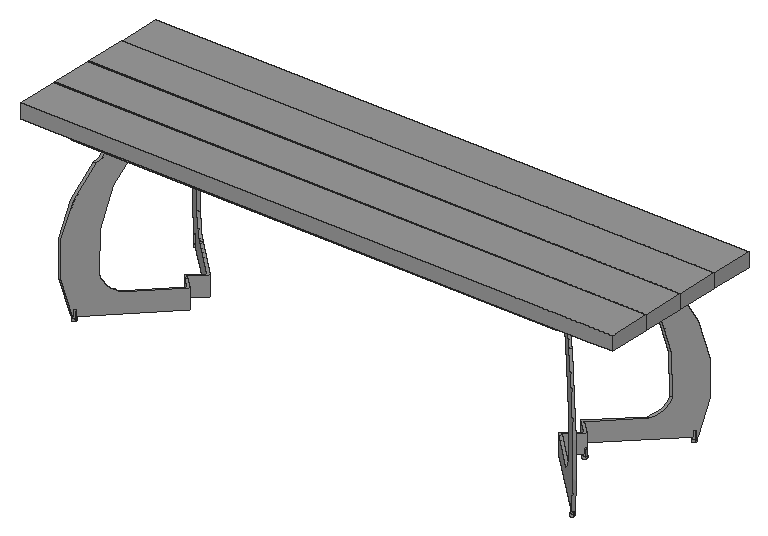
Revit family "Скамейка стальная «Краун» без спинки Арт 14238", category Антураж, Revit 2018
Family settings
  На основе рабочей плоскости = Нет
  Всегда вертикально = Да
  При загрузке вырезать с полостями = Нет
  Источник визуального образа = Геометрия семейства
  Общий = Нет
  Точка расчета площади = Нет
Parameters (values of type "Скамейка стальная «Краун» без спинки")
  Ширина = 430 mm  # constant formula
  Цвет опор = Сталь
  Цвет лавки = Дерево
  Описание = "Скамейка стальная «Краун» без спинки"  # constant formula
  Материал изделия = "Сталь, дерево"  # constant formula
  Изображение типоразмера = Скамейка стальная «Краун» без спинки Арт 14238.jpg
  Изготовитель = "ООО «Хоббика»"  # constant formula
  Длина = 1500 mm  # constant formula
  Группа модели = "Садовые скамейки"  # constant formula
  Высота = 460 mm  # constant formula
  Артикул товара = "Арт. 14238"  # constant formula
  URL = "https://hobbyka.ru/product/banketka_kraun/"
Reference planes
  plane 1 "По центру (Вперед/Назад)": y = 0
  plane 2: z = 0
  plane 3 "По центру (Влево/Вправо)": x = 0
  plane 4: y = 430
  plane 5: x = 1500
  plane 6: z = 460
  plane 7: y = 411.042
  plane 8: y = 218.536
  plane 9: y = 18.958
  plane 10: x = 111.887
  plane 11: x = 240.754
Forms (mm)
  Extrusion 1, solid, material "Дерево" <- "Цвет лавки"
    sketch origin (0, 0, 0) x (0, 1, 0) y (0, 0, 1)
      loop
        line (430, 460) -> (325, 460) -> (325, 425) -> (430, 425) -> (430, 460)
    from 0 to 1500
  Extrusion 2, solid, material "Дерево" <- "Цвет лавки"
    sketch origin (0, -325, 0) x (0, 1, 0) y (0, 0, 1)
      loop
        line (430, 460) -> (325, 460) -> (325, 425) -> (430, 425) -> (430, 460)
    from 0 to 1500
  Extrusion 3, solid, material "Дерево" <- "Цвет лавки"
    sketch origin (0, -108.333, 0) x (0, 1, 0) y (0, 0, 1)
      loop
        line (430, 460) -> (325, 460) -> (325, 425) -> (430, 425) -> (430, 460)
    from 0 to 1500
  Extrusion 4, solid, material "Дерево" <- "Цвет лавки"
    sketch origin (0, -216.667, 0) x (0, 1, 0) y (0, 0, 1)
      loop
        line (430, 460) -> (325, 460) -> (325, 425) -> (430, 425) -> (430, 460)
    from 0 to 1500
  Extrusion 5, solid, material "Сталь" <- "Цвет опор"
    sketch origin (0, 0, 0) x (1, 0, 0) y (0, 1, 0)
      loop
        line (94.161, -5.839) -> (283.18, 183.18) -> (247.825, 218.536) -> (279.645, 250.355) -> (88.715, 441.285) -> (85.18, 437.749) -> (272.574, 250.355) -> (240.754, 218.536) -> (276.109, 183.18) -> (90.626, -2.303) -> (94.161, -5.839)
    from 0 to 425
  Extrusion 6, void
    sketch origin (0, 0, 0) x (0, 1, 0) y (0, 0, 1)
      loop
        line (-15, 425) -> (-15, -13.573) -> (445, -13.573) -> (445, 425) -> (377.5, 425)
        arc (377.5, 425) -> (364.943, 390) -> (377.5, 355) r 55.055
        arc (377.5, 355) -> (427.938, 185.682) -> (411.042, 9.821) r 461.38
        line (411.042, 9.821) -> (18.958, 9.821)
        arc (18.958, 9.821) -> (2.062, 185.682) -> (52.5, 355) r 461.38
        arc (52.5, 355) -> (65.057, 390) -> (52.5, 425) r 55.055
        line (52.5, 425) -> (-15, 425)
      loop
        line (325, 425) -> (105, 425) -> (111.295, 393.96)
        arc (111.295, 393.96) -> (62.842, 253.118) -> (55.006, 104.38) r 536.13
        arc (55.006, 104.38) -> (64.737, 77.623) -> (86.553, 59.327) r 54.949
        line (86.553, 59.327) -> (343.447, 59.327)
        arc (343.447, 59.327) -> (365.263, 77.623) -> (374.994, 104.38) r 54.949
        arc (374.994, 104.38) -> (367.158, 253.118) -> (318.705, 393.96) r 536.13
        line (318.705, 393.96) -> (325, 425)
    from 65.809 to 299.586
  Extrusion 7, solid, material "Сталь" <- "Цвет опор"
    sketch origin (1500, 0, 0) x (-1, 0, 0) y (0, -1, 0)
      loop
        line (94.161, 5.839) -> (90.626, 2.303) -> (276.109, -183.18) -> (240.754, -218.536) -> (272.574, -250.355) -> (85.18, -437.749) -> (88.715, -441.285) -> (279.645, -250.355) -> (247.825, -218.536) -> (283.18, -183.18) -> (94.161, 5.839)
    from 0 to 425
  Extrusion 8, void
    sketch origin (1500, 0, 0) x (0, 1, 0) y (0, 0, -1)
      loop
        line (-15, -425) -> (52.5, -425)
        arc (52.5, -425) -> (65.057, -390) -> (52.5, -355) r 55.055
        arc (52.5, -355) -> (2.062, -185.682) -> (18.958, -9.821) r 461.38
        line (18.958, -9.821) -> (411.042, -9.821)
        arc (411.042, -9.821) -> (427.938, -185.682) -> (377.5, -355) r 461.38
        arc (377.5, -355) -> (364.943, -390) -> (377.5, -425) r 55.055
        line (377.5, -425) -> (445, -425) -> (445, 13.573) -> (-15, 13.573) -> (-15, -425)
      loop
        line (325, -425) -> (318.705, -393.96)
        arc (318.705, -393.96) -> (367.158, -253.118) -> (374.994, -104.38) r 536.13
        arc (374.994, -104.38) -> (365.263, -77.623) -> (343.447, -59.327) r 54.949
        line (343.447, -59.327) -> (86.553, -59.327)
        arc (86.553, -59.327) -> (64.737, -77.623) -> (55.006, -104.38) r 54.949
        arc (55.006, -104.38) -> (62.842, -253.118) -> (111.295, -393.96) r 536.13
        line (111.295, -393.96) -> (105, -425) -> (325, -425)
    from 54.552 to 299.586
  Sweep 9, solid, material "Сталь" <- "Цвет опор"
    path origin (0, 0, 0) x (1, 0, 0) y (0, 1, 0)
      loop
        arc (145.429, 377.5) -> (113.306, 364.194) -> (100, 332.071) r 45.429
        line (100, 332.071) -> (100, 97.929)
        arc (100, 97.929) -> (113.306, 65.806) -> (145.429, 52.5) r 45.429
        line (145.429, 52.5) -> (1354.571, 52.5)
        arc (1354.571, 52.5) -> (1386.694, 65.806) -> (1400, 97.929) r 45.429
        line (1400, 97.929) -> (1400, 332.071)
        arc (1400, 332.071) -> (1386.694, 364.194) -> (1354.571, 377.5) r 45.429
        line (1354.571, 377.5) -> (145.429, 377.5)
    profile origin (750, 377.5, 0) x (0, 1, 0) y (0, 0, 1)
      loop
        arc (0, 425) -> (-10.715, 404.123) -> (-11.763, 380.68) r 55.055
        line (-11.763, 380.68) -> (48.784, 420) -> (48.784, 425) -> (0, 425)
  Extrusion 10, solid, material "Сталь" <- "Цвет опор"
    sketch origin (0, 0, 0) x (1, 0, 0) y (0, 1, 0)
      loop
        circle (118.958, 407.507) r 3.536
      loop
        circle (244.946, 218.536) r 3.5
      loop
        circle (118.958, 22.493) r 3.536
      loop
        circle (1381.042, 407.507) r 3.536
      loop
        circle (1255.054, 218.536) r 3.5
      loop
        circle (1381.042, 22.493) r 3.536
    from 0 to 24.966
  Extrusion 11, solid, material "Сталь" <- "Цвет опор"
    sketch origin (0, 0, 0) x (1, 0, 0) y (0, 1, 0)
      loop
        circle (118.958, 407.507) r 5
      loop
        circle (244.946, 218.536) r 5
      loop
        circle (118.958, 22.493) r 5
      loop
        circle (1381.042, 407.507) r 5
      loop
        circle (1255.054, 218.536) r 5
      loop
        circle (1381.042, 22.493) r 5
    from 0 to 5
Cuts and joins
  Extrusion 6, Extrusion 8 cuts Extrusion 1
  Extrusion 6, Extrusion 8 cuts Extrusion 2
  Extrusion 6, Extrusion 8 cuts Extrusion 3
  Extrusion 6, Extrusion 8 cuts Extrusion 4
  Extrusion 6, Extrusion 8 cuts Extrusion 5
  Extrusion 8 cuts Extrusion 7
Dimensions and locks
  "Длина": plane 3 "По центру (Влево/Вправо)" to plane 5
  "Ширина": plane 4 to plane 1 "По центру (Вперед/Назад)"
  "Высота": plane 6 to plane 2
  equal spacing: group 1, group 3, group 4, group 2  (x2)
  equal spacing: group 2, group 4, group 3, group 1
  aligned and locked: level to plane 2
Automatic sketch dimensions
  Extrusion 1 sketch curve to Extrusion 1 sketch curve = 105 mm
  Extrusion 1 sketch curve to Extrusion 1 sketch curve = 35 mm
  Extrusion 2 sketch curve to Extrusion 2 sketch curve = 105 mm
  Extrusion 2 sketch curve to Extrusion 2 sketch curve = 35 mm
  Extrusion 3 sketch curve to Extrusion 3 sketch curve = 105 mm
  Extrusion 3 sketch curve to Extrusion 3 sketch curve = 35 mm
  Extrusion 4 sketch curve to Extrusion 4 sketch curve = 105 mm
  Extrusion 4 sketch curve to Extrusion 4 sketch curve = 35 mm
  plane 4 to Extrusion 5 sketch curve = 7.749 mm
  plane 3 "По центру (Влево/Вправо)" to Extrusion 5 sketch curve = 85.18 mm
  plane 4 to Extrusion 5 sketch curve = 11.285 mm
  Extrusion 5 sketch curve to Extrusion 5 sketch curve = 3.536 mm
  plane 1 "По центру (Вперед/Назад)" to Extrusion 5 sketch curve = 2.303 mm
  plane 3 "По центру (Влево/Вправо)" to Extrusion 5 sketch curve = 90.626 mm
  plane 1 "По центру (Вперед/Назад)" to Extrusion 5 sketch curve = 5.839 mm
  plane 3 "По центру (Влево/Вправо)" to Extrusion 5 sketch curve = 240.754 mm
  Extrusion 5 sketch curve to Extrusion 5 sketch curve = 7.071 mm
  Extrusion 5 sketch curve to plane 1 "По центру (Вперед/Назад)" = 250.355 mm  (x2)
  plane 1 "По центру (Вперед/Назад)" to Extrusion 6 sketch curve = 159.121 mm
  plane 1 "По центру (Вперед/Назад)" to Extrusion 6 sketch curve = 31.279 mm
  plane 1 "По центру (Вперед/Назад)" to Extrusion 6 sketch curve = 15 mm
  Extrusion 6 sketch curve to plane 1 "По центру (Вперед/Назад)" = 10.002 mm
  Extrusion 6 sketch curve to plane 1 "По центру (Вперед/Назад)" = 18.958 mm
  Extrusion 6 sketch curve to plane 1 "По центру (Вперед/Назад)" = 52.5 mm
  Extrusion 6 sketch curve to Extrusion 6 sketch curve = 67.595 mm
  Extrusion 6 sketch curve to plane 6 = 35 mm  (x3)
  Extrusion 6 sketch curve to Extrusion 6 sketch curve = 52.5 mm  (x2)
  Extrusion 6 sketch curve to Extrusion 6 sketch curve = 23.196 mm  (x2)
  Extrusion 6 sketch curve to plane 6 = 66.04 mm  (x2)
  Extrusion 6 sketch curve to Extrusion 6 sketch curve = 6.295 mm  (x2)
  Extrusion 6 sketch curve to plane 4 = 111.295 mm
  Extrusion 6 sketch curve to plane 4 = 109.749 mm
  Extrusion 6 sketch curve to plane 4 = 18.958 mm
  Extrusion 6 sketch curve to plane 4 = 10.002 mm
  plane 4 to Extrusion 6 sketch curve = 15 mm
  plane 4 to Extrusion 6 sketch curve = 31.279 mm
  Extrusion 6 sketch curve to Extrusion 6 sketch curve = 127.842 mm
  Extrusion 6 sketch curve to plane 6 = 70 mm  (x2)
  level to Extrusion 6 sketch curve = 150.82 mm  (x2)
  Extrusion 6 sketch curve to Extrusion 6 sketch curve = 9.761 mm  (x2)
  level to Extrusion 6 sketch curve = 109.14 mm  (x2)
  Extrusion 6 sketch curve to Extrusion 6 sketch curve = 49.813 mm
  level to Extrusion 6 sketch curve = 9.821 mm
  Extrusion 6 sketch curve to level = 13.573 mm
  Extrusion 7 sketch curve to plane 4 = 7.749 mm
  plane 5 to Extrusion 7 sketch curve = 85.18 mm
  Extrusion 7 sketch curve to plane 4 = 11.285 mm
  Extrusion 7 sketch curve to Extrusion 7 sketch curve = 3.536 mm
  Extrusion 7 sketch curve to plane 1 "По центру (Вперед/Назад)" = 2.303 mm
  plane 5 to Extrusion 7 sketch curve = 90.626 mm
  Extrusion 7 sketch curve to plane 1 "По центру (Вперед/Назад)" = 5.839 mm
  plane 5 to Extrusion 7 sketch curve = 240.754 mm
  Extrusion 7 sketch curve to Extrusion 7 sketch curve = 7.071 mm
  plane 1 "По центру (Вперед/Назад)" to Extrusion 7 sketch curve = 250.355 mm  (x2)
  plane 1 "По центру (Вперед/Назад)" to Extrusion 8 sketch curve = 159.121 mm
  plane 1 "По центру (Вперед/Назад)" to Extrusion 8 sketch curve = 31.279 mm
  plane 1 "По центру (Вперед/Назад)" to Extrusion 8 sketch curve = 15 mm
  Extrusion 8 sketch curve to plane 1 "По центру (Вперед/Назад)" = 10.002 mm
  Extrusion 8 sketch curve to plane 1 "По центру (Вперед/Назад)" = 18.958 mm
  Extrusion 8 sketch curve to plane 1 "По центру (Вперед/Назад)" = 52.5 mm
  Extrusion 8 sketch curve to Extrusion 8 sketch curve = 67.595 mm
  Extrusion 8 sketch curve to plane 6 = 35 mm  (x3)
  Extrusion 8 sketch curve to Extrusion 8 sketch curve = 52.5 mm
  Extrusion 8 sketch curve to Extrusion 8 sketch curve = 23.196 mm  (x2)
  Extrusion 8 sketch curve to plane 6 = 66.04 mm  (x2)
  Extrusion 8 sketch curve to Extrusion 8 sketch curve = 6.295 mm  (x2)
  Extrusion 8 sketch curve to plane 4 = 111.295 mm
  Extrusion 8 sketch curve to plane 4 = 109.749 mm
  Extrusion 8 sketch curve to plane 4 = 52.5 mm
  Extrusion 8 sketch curve to plane 4 = 18.958 mm
  Extrusion 8 sketch curve to plane 4 = 10.002 mm
  plane 4 to Extrusion 8 sketch curve = 15 mm
  plane 4 to Extrusion 8 sketch curve = 31.279 mm
  Extrusion 8 sketch curve to Extrusion 8 sketch curve = 127.842 mm
  Extrusion 8 sketch curve to Extrusion 8 sketch curve = 35 mm  (x2)
  level to Extrusion 8 sketch curve = 150.82 mm  (x2)
  Extrusion 8 sketch curve to Extrusion 8 sketch curve = 9.761 mm  (x2)
  level to Extrusion 8 sketch curve = 109.14 mm  (x2)
  Extrusion 8 sketch curve to Extrusion 8 sketch curve = 49.813 mm
  level to Extrusion 8 sketch curve = 9.821 mm
  Extrusion 8 sketch curve to level = 13.573 mm
  Sweep 9 sketch curve to Sweep 9 sketch curve = 45.429 mm  (x4)
  Sweep 9 sketch curve to plane 5 = 145.429 mm
  plane 3 "По центру (Влево/Вправо)" to Sweep 9 sketch curve = 145.429 mm
  Sweep 9 sketch curve to plane 4 = 97.929 mm
  Sweep 9 sketch curve to plane 1 "По центру (Вперед/Назад)" = 97.929 mm
  Sweep 9 sketch curve to profile plane = 0 mm
  level to Sweep 9 sketch curve = 425 mm
  profile plane to Sweep 9 sketch curve = 11.763 mm
  Sweep 9 sketch curve to Sweep 9 sketch curve = 5 mm
  Sweep 9 sketch curve to Sweep 9 sketch curve = 44.32 mm
  Sweep 9 sketch curve to Sweep 9 sketch curve = 6.286 mm
  Sweep 9 sketch curve to Sweep 9 sketch curve = 30 mm
  Extrusion 10 sketch curve to plane 8 = 0 mm  (x2)
  plane 9 to Extrusion 10 sketch curve = 3.536 mm  (x2)
  Extrusion 10 sketch curve to plane 10 = 7.071 mm  (x2)
  Extrusion 10 sketch curve to plane 7 = 3.536 mm  (x2)
  Extrusion 10 sketch curve to plane 11 = 4.192 mm
  Extrusion 10 sketch curve to plane 5 = 244.946 mm
  Extrusion 10 sketch curve to plane 5 = 118.958 mm  (x2)
  Extrusion 11 sketch curve to Extrusion 11 sketch curve = 0 mm  (x12)
  Extrusion 11 sketch curve to plane 8 = 0 mm  (x2)
  plane 9 to Extrusion 11 sketch curve = 3.536 mm  (x2)
  Extrusion 11 sketch curve to plane 10 = 7.071 mm  (x2)
  Extrusion 11 sketch curve to plane 7 = 3.536 mm  (x2)
  Extrusion 11 sketch curve to plane 11 = 4.192 mm
  Extrusion 11 sketch curve to plane 5 = 244.946 mm
  Extrusion 11 sketch curve to plane 5 = 118.958 mm  (x2)
  Extrusion 11 sketch curve to plane 10 = 2.071 mm  (x2)
  plane 11 to Extrusion 11 sketch curve = 0.808 mm
  Extrusion 11 sketch curve to Extrusion 11 sketch curve = 5 mm  (x3)
  radius of Extrusion 10 sketch curve = 3.536 mm  (x4)
  radius of Extrusion 10 sketch curve = 3.5 mm  (x2)
